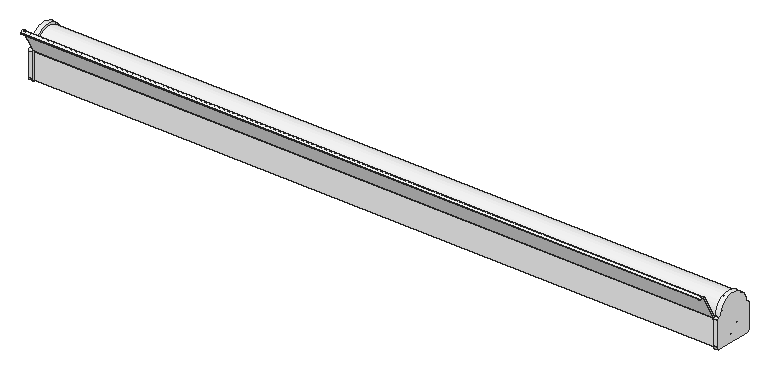
Revit family "0045179+0045234 Feilo Sylvania Lighting Fixture SYLBATTEN LED5-5 WW TP3 with ASYMMETRIC REFLECTOR ACCESSORY 1200MM", category Lighting Fixtures, host Face, Revit 2017
Family settings
  Host = Face
  Round Connector Dimension = Use Diameter
  Part Type = Normal
  OmniClass Number = 23.80.70.00
  OmniClass Title = Lighting
  Cut with Voids When Loaded = No
  Light Source = Yes
  Shared = No
  Room Calculation Point = No
Parameters (values of type "0045179 SYLBATTEN LED5.5 WW TP3")
  Width_FEILO = 66 mm
  Weight = "2.584 kg"
  Wattage Comments = "n/a"
  Wattage = 53 W
  WarrantyStartDate [instance] = "n/a"
  WarrantyGuarantorParts = "n/a"
  WarrantyDurationUnit = "n/a"
  WarrantyDurationParts = "n/a"
  WarrantyDescription = "n/a"
  built-in parameter 1150110 = 1 (stored number, unit not read)
  Voltage = 230 V
  URL = "http://www.sylvania-lighting.com"
  TypeName = "SYLBATTEN LED5.5 WW TP3"
  Type Image = <None>
  Type Comments = "n/a"
  built-in parameter 1114217 = 1 (stored number, unit not read)
  Tilt Angle = -90.00°
  built-in parameter 1150109 = 1 (stored number, unit not read)
  built-in parameter 1150134 = (empty or 0)
  SymReflector_FEILO = no
  built-in parameter 1150113 = 1 (stored number, unit not read)
  SerialNumber [instance] = "n/a"
  PowerFactor = 0
  PowerConsumption = "53 W"
  Photometric Web File = "0045179+0045234.ies"
  NominalLength = 1205 mm
  NominalHeight = 91 mm
  NominalDepth = 122 mm
  Name = "SYLBATTEN LED5.5 WW TP3"
  ModelReference = Name  # "SYLBATTEN LED5.5 WW TP3"
  ModelNumber = "0045179"
  Model = Name  # "SYLBATTEN LED5.5 WW TP3"
  Material_4_FEILO = Reflector-Sylvania-Sylbatten-White
  Material_3_FEILO = Diffuser-Sylvania-Sylbatten-Glow
  Material_2_FEILO = Body-Sylvania-Sylbatten-White
  Material_1_FEILO = Body-Sylvania-Sylbatten-White
  Material = "sheet steel housing, polycarbonate diffuser"
  ManufacturerName = "Feilo Sylvania"
  Manufacturer = "Feilo Sylvania"
  LuminousEfficacy = "92.45 lm/W"
  built-in parameter 1150105 = 389.92 (stored number, unit not read)
  Lumens = 4899.85 lm
  LuminaireType = ""
  built-in parameter 1150115 = 1 (stored number, unit not read)
  LightOutputRatio = "100"
  built-in parameter 1150137 = (empty or 0)
  built-in parameter 1150139 = (empty or 0)
  Length_FEILO = 1205 mm
  LampsType = Lamp  # "LED"
  LampNominalLuminous = "4900 lm"
  LampMacAdamStep = "n/a"
  LampColourTemperature = "3000 K"
  LampColourRenderingIndex = "80"
  built-in parameter 1150112 = 1 (stored number, unit not read)
  built-in parameter 1150114 = 1 (stored number, unit not read)
  Lamp = "LED"
  Keynote = "16500"
  InstallationDate [instance] = "n/a"
  InputVoltage = "220-240V~"
  InputNominalFrequency = "n/a"
  built-in parameter 1150132 = (empty or 0)
  built-in parameter 1150102 = (empty or 0)
  built-in parameter 1150107 = 3000 (stored number, unit not read)
  built-in parameter 1150138 = (empty or 0)
  IngressProtection = "IP20"
  ImpactProtectionIndex = "IK07"
  built-in parameter 1150106 = 3.8992 (stored number, unit not read)
  IfcExportType = "IfcLightFixtureType"
  IfcExportAs = "IfcLightFixtureType"
  Height_FEILO = 76 mm
  ExpectedLife = 50000
  Emit from Rectangle Width = Length_FEILO - 16 mm  # 1189 mm
  Emit from Rectangle Length = Width_FEILO - 40 mm  # 26 mm
  Emit Shape Visible in Rendering = no
  ElectricShockClassification = "Class I"
  built-in parameter 1150104 = 8.5889 (stored number, unit not read)
  DurationUnit = "hours"
  DocumentationLiterature = "http://www.sylvania-lighting.com/product/en-int/products/0045179"
  DimmingControlOptions = "n/a"
  Dimming Lamp Color Temperature Shift = <None>
  Description = "LED batten, T8 replacement, ease of installation through 2 part push-in design of the housing (safety cable included), through wiring capability (TP3 = 3 core), sheet steel, 4900M, 53W, 92lm/W, 3000K, drive current: 350mA, CRI 80, 138° wide beam angle, electronic driver (non dimmable), IP20, IK07, 50,000 hrs (L70), (LxWxH) 1205x66x76mm, 5 step MacAdam ellipse, 3kg, white RAL 9016, Class 1, 220-240V, energy class: A++, A+, A."
  Default Elevation = 1219.2 mm
  CreatedOn = "1/25/2018"
  CreatedBy = ""
  Cost = 0
  Color Filter = 16777215
  built-in parameter 1114216 [instance] = (empty or 0)
  ClassificationValue = "EF_70_80"
  ClassificationName = "Uniclass2015"
  CapOffset_FEILO = 2 mm
  BarCode [instance] = "n/a"
  built-in parameter 1114218 = 1 (stored number, unit not read)
  BackReflector_FEILO = and(not(AsymReflector_FEILO), SymReflector_FEILO)  # no
  built-in parameter 1150133 = 10 (stored number, unit not read)
  FrontReflector_FEILO = or(AsymReflector_FEILO, SymReflector_FEILO)  # yes
  AsymReflector_FEILO = yes
  AssetType = "Fixed"
  AssetIdentifier [instance] = "n/a"
  Assembly Code = "D5020200"
  Apparent Load = 53 VA
Reference planes
  plane 1 "Center (Front/Back)": y = 0
  plane 2: z = 0
  plane 3 "Center (Left/Right)": x = 0
  plane 4: x = 602.5
  plane 5: x = -602.5
  plane 6: y = 33
  plane 7: y = -33
  plane 8: z = 76
  plane 9: z = 47
  plane 10: y = -29
  plane 11: y = 29
  plane 12: z = 20
  plane 13: z = 74
  plane 14: y = -31
  plane 15: y = -27
  plane 16: y = 27
  plane 17: y = 31
  plane 18: z = 2
  plane 19: x = -594.5
  plane 20: x = 594.5
  plane 21: z = 49
  plane 22: y = 1
  plane 23: y = -1
  plane 24: z = 21
  plane 25: z = 19
  plane 26: y = -61
  plane 27: y = 61
  plane 28: y = -56
  plane 29: y = 56
  plane 30: z = 91
  plane 31: z = 88
Forms (mm)
  Extrusion 1, solid, material "Body-Sylvania-Sylbatten-White" <- "Material_2_FEILO"
    sketch origin (0, 0, 0) x (0, 1, 0) y (0, 0, 1)
      loop
        line (-31, 2) -> (31, 2) -> (31, 45)
        arc (31, 45) -> (30.414, 46.414) -> (29, 47) r 2
        line (29, 47) -> (27, 47)
        arc (27, 47) -> (0, 74) -> (-27, 47) r 27
        line (-27, 47) -> (-29, 47)
        arc (-29, 47) -> (-30.414, 46.414) -> (-31, 45) r 2
        line (-31, 45) -> (-31, 2)
    from -594.5 to 594.5
  Extrusion 2, solid, material "Body-Sylvania-Sylbatten-White" <- "Material_2_FEILO"
    sketch origin (602.5, 1524, 1219.2) x (0, 1, 0) y (0, 0, 1)
      loop
        arc (-1494, -1219.2) -> (-1491.879, -1218.321) -> (-1491, -1216.2) r 3
        line (-1491, -1216.2) -> (-1491, -1173.2)
        arc (-1491, -1173.2) -> (-1491.879, -1171.079) -> (-1494, -1170.2) r 3
        line (-1494, -1170.2) -> (-1495.069, -1170.2)
        arc (-1495.069, -1170.2) -> (-1524, -1143.2) -> (-1552.931, -1170.2) r 29
        line (-1552.931, -1170.2) -> (-1554, -1170.2)
        arc (-1554, -1170.2) -> (-1556.121, -1171.079) -> (-1557, -1173.2) r 3
        line (-1557, -1173.2) -> (-1557, -1216.2)
        arc (-1557, -1216.2) -> (-1556.121, -1218.321) -> (-1554, -1219.2) r 3
        line (-1554, -1219.2) -> (-1494, -1219.2)
      loop
        arc (-1525, -1189.25) -> (-1531.071, -1192.129) -> (-1533.95, -1198.2) r 10
        line (-1533.95, -1198.2) -> (-1532.944, -1198.2)
        arc (-1532.944, -1198.2) -> (-1530.364, -1192.836) -> (-1525, -1190.256) r 9
        line (-1525, -1190.256) -> (-1525, -1189.25)
      loop
        arc (-1523, -1190.256) -> (-1517.636, -1192.836) -> (-1515.056, -1198.2) r 9
        line (-1515.056, -1198.2) -> (-1514.05, -1198.2)
        arc (-1514.05, -1198.2) -> (-1516.929, -1192.129) -> (-1523, -1189.25) r 10
        line (-1523, -1189.25) -> (-1523, -1190.256)
      loop
        line (-1532.944, -1200.2) -> (-1533.95, -1200.2)
        arc (-1533.95, -1200.2) -> (-1531.071, -1206.271) -> (-1525, -1209.15) r 10
        line (-1525, -1209.15) -> (-1525, -1208.144)
        arc (-1525, -1208.144) -> (-1530.364, -1205.564) -> (-1532.944, -1200.2) r 9
      loop
        arc (-1515.056, -1200.2) -> (-1517.636, -1205.564) -> (-1523, -1208.144) r 9
        line (-1523, -1208.144) -> (-1523, -1209.15)
        arc (-1523, -1209.15) -> (-1516.929, -1206.271) -> (-1514.05, -1200.2) r 10
        line (-1514.05, -1200.2) -> (-1515.056, -1200.2)
    from 0 to -8
  Extrusion 3, solid, material "Body-Sylvania-Sylbatten-White" <- "Material_2_FEILO"
    sketch origin (-602.5, 1524, 1219.2) x (0, 1, 0) y (0, 0, 1)
      loop
        arc (-1495.069, -1170.2) -> (-1524, -1143.2) -> (-1552.931, -1170.2) r 29
        line (-1552.931, -1170.2) -> (-1554, -1170.2)
        arc (-1554, -1170.2) -> (-1556.121, -1171.079) -> (-1557, -1173.2) r 3
        line (-1557, -1173.2) -> (-1557, -1216.2)
        arc (-1557, -1216.2) -> (-1556.121, -1218.321) -> (-1554, -1219.2) r 3
        line (-1554, -1219.2) -> (-1494, -1219.2)
        arc (-1494, -1219.2) -> (-1491.879, -1218.321) -> (-1491, -1216.2) r 3
        line (-1491, -1216.2) -> (-1491, -1173.2)
        arc (-1491, -1173.2) -> (-1491.879, -1171.079) -> (-1494, -1170.2) r 3
        line (-1494, -1170.2) -> (-1495.069, -1170.2)
      loop
        line (-1533.95, -1198.2) -> (-1532.944, -1198.2)
        arc (-1532.944, -1198.2) -> (-1530.364, -1192.836) -> (-1525, -1190.256) r 9
        line (-1525, -1190.256) -> (-1525, -1189.25)
        arc (-1525, -1189.25) -> (-1531.071, -1192.129) -> (-1533.95, -1198.2) r 10
      loop
        line (-1523, -1189.25) -> (-1523, -1190.256)
        arc (-1523, -1190.256) -> (-1517.636, -1192.836) -> (-1515.056, -1198.2) r 9
        line (-1515.056, -1198.2) -> (-1514.05, -1198.2)
        arc (-1514.05, -1198.2) -> (-1516.929, -1192.129) -> (-1523, -1189.25) r 10
      loop
        line (-1514.05, -1200.2) -> (-1515.056, -1200.2)
        arc (-1515.056, -1200.2) -> (-1517.636, -1205.564) -> (-1523, -1208.144) r 9
        line (-1523, -1208.144) -> (-1523, -1209.15)
        arc (-1523, -1209.15) -> (-1516.929, -1206.271) -> (-1514.05, -1200.2) r 10
      loop
        line (-1525, -1209.15) -> (-1525, -1208.144)
        arc (-1525, -1208.144) -> (-1530.364, -1205.564) -> (-1532.944, -1200.2) r 9
        line (-1532.944, -1200.2) -> (-1533.95, -1200.2)
        arc (-1533.95, -1200.2) -> (-1531.071, -1206.271) -> (-1525, -1209.15) r 10
    from 0 to 8
  Extrusion 4, solid, material "Reflector-Sylvania-Sylbatten-White" <- "Material_4_FEILO", visible <- "FrontReflector_FEILO"
    sketch origin (0, 0, 0) x (0, 1, 0) y (0, 0, 1)
      loop
        line (-61.257, 88.429) -> (-60.743, 87.571) -> (-56.621, 90.044)
        arc (-56.621, 90.044) -> (-56.237, 90.099) -> (-55.929, 89.863) r 0.5
        line (-55.929, 89.863) -> (-31.435, 46.753) -> (-30.565, 47.247) -> (-55.312, 90.802)
        arc (-55.312, 90.802) -> (-55.928, 91.275) -> (-56.696, 91.165) r 1
        line (-56.696, 91.165) -> (-61.257, 88.429)
    from -594.5 to 594.5
  Extrusion 5, solid, material "Reflector-Sylvania-Sylbatten-White" <- "Material_4_FEILO", visible <- "BackReflector_FEILO"
    sketch origin (0, 0, 0) x (0, 1, 0) y (0, 0, 1)
      loop
        line (30.565, 47.247) -> (31.435, 46.753) -> (55.932, 89.868)
        arc (55.932, 89.868) -> (56.245, 90.112) -> (56.638, 90.062) r 0.518
        line (56.638, 90.062) -> (61.033, 87.565) -> (61.527, 88.435) -> (56.682, 91.188)
        arc (56.682, 91.188) -> (55.922, 91.282) -> (55.318, 90.812) r 1
        line (55.318, 90.812) -> (30.565, 47.247)
    from -594.5 to 594.5
Lines and regions (mm)
  reference lines
    curve 1: line (0, -61, 88) -> (0, -56, 91)
    curve 2: line (0, -56, 91) -> (0, -31, 47)
    curve 3: line (0, 31, 47) -> (0, 56, 91)
    curve 4: line (0, 56, 91) -> (0, 61.28, 88)
Dimensions and locks
  equal spacing: plane 5, plane 3 "Center (Left/Right)", plane 4
  equal spacing: plane 7, plane 1 "Center (Front/Back)", plane 6
  "Width_FEILO": plane 7 to plane 6
  "Length_FEILO": plane 5 to plane 4
  "Height_FEILO": plane 8 to plane 2
  locked: plane 9 to plane 8 at 29
  equal spacing: plane 10, plane 1 "Center (Front/Back)", plane 11
  locked: plane 7 to plane 10 at 4
  locked: plane 12 to plane 2 at 20
  "CapOffset_FEILO": plane 13 to plane 8
  "CapOffset_FEILO": plane 7 to plane 14
  "CapOffset_FEILO": plane 10 to plane 15
  "CapOffset_FEILO": plane 17 to plane 6
  "CapOffset_FEILO": plane 16 to plane 11
  "CapOffset_FEILO": plane 18 to plane 2
  locked: plane 14 to Extrusion 1 sketch curve at 2
  locked: Extrusion 1 sketch curve to plane 9 at 2  (x2)
  locked: plane 16 to Extrusion 1 sketch curve at 2
  equal spacing: plane 19, plane 3 "Center (Left/Right)", plane 20
  locked: plane 5 to plane 19 at 8
  "CapOffset_FEILO": plane 9 to plane 21
  locked: Extrusion 2 sketch curve to plane 2 at 47
  locked: Extrusion 1 sketch curve to plane 2 at 47
  locked: Extrusion 2 sketch curve to plane 2 at 3  (x2)
  locked: plane 7 to Extrusion 2 sketch curve at 3  (x2)
  locked: Extrusion 2 sketch curve to plane 6 at 3  (x2)
  locked: Extrusion 2 sketch curve to plane 21 at 3  (x2)
  equal spacing: plane 23, plane 1 "Center (Front/Back)", plane 22
  equal spacing: plane 25, plane 12, plane 24
  plane 30 to plane 31 to plane 2 = 3 mm locked, 88 mm locked
  plane 28 to plane 29 = 112 mm
  plane 26 to plane 27 = 122 mm
  aligned and locked: plane 2 to host face
  aligned and locked: level to host face
  aligned and locked: plane 18 to Extrusion 1 sketch curve
  aligned and locked: plane 14 to Extrusion 1 sketch curve
  aligned and locked: Extrusion 1 sketch curve to plane 9  (x2)
  aligned and locked: Extrusion 1 sketch curve to plane 17
  aligned and locked: plane 15 to Extrusion 1 sketch curve
  aligned and locked: plane 16 to Extrusion 1 sketch curve
  aligned and locked: plane 9 to Extrusion 1 sketch curve
  aligned and locked: plane 20 to Extrusion 1
  aligned and locked: level to Extrusion 2 sketch curve
  aligned and locked: Extrusion 2 sketch curve to plane 7
  aligned and locked: plane 21 to Extrusion 2 sketch curve
  aligned and locked: Extrusion 2 sketch curve to plane 21
  aligned and locked: plane 1 "Center (Front/Back)" to Extrusion 2 sketch curve  (x3)
  aligned and locked: Extrusion 2 to Extrusion 1
  aligned and locked: plane 4 to Extrusion 2
  aligned and locked: plane 12 to Extrusion 2 sketch curve  (x2)
  aligned and locked: Extrusion 2 sketch curve to plane 22
  aligned and locked: Extrusion 2 sketch curve to plane 23
  aligned and locked: Extrusion 2 sketch curve to plane 24
  aligned and locked: Extrusion 2 sketch curve to plane 25
  aligned and locked: plane 25 to Extrusion 2 sketch curve
  aligned and locked: plane 22 to Extrusion 2 sketch curve
  aligned and locked: plane 24 to Extrusion 2 sketch curve
  aligned and locked: plane 23 to Extrusion 2 sketch curve  (x2)
  aligned and locked: Extrusion 3 sketch curve to Extrusion 2  (x22)
  aligned and locked: Extrusion 3 to Extrusion 1
  aligned and locked: Extrusion 3 to plane 5
  aligned and locked: plane 19 to Extrusion 3
  aligned and locked: plane 31 to curve 1
  aligned and locked: plane 30 to curve 1
  aligned and locked: plane 14 to curve 2
  aligned and locked: plane 9 to curve 2
  aligned and locked: plane 17 to curve 3
  aligned and locked: plane 30 to curve 3
  aligned and locked: plane 31 to curve 4
  aligned and locked: Extrusion 4 sketch curve to curve 2
  aligned and locked: Extrusion 4 sketch curve to curve 1
  aligned and locked: Extrusion 4 to Extrusion 1
  aligned and locked: Extrusion 1 to Extrusion 4
  aligned and locked: imposter light to plane 1 "Center (Front/Back)"
  aligned and locked: imposter light to plane 3 "Center (Left/Right)"
  aligned and locked: imposter light to plane 13
  aligned and locked: Extrusion 5 sketch curve to curve 4
  aligned and locked: Extrusion 5 sketch curve to curve 3
  aligned and locked: Extrusion 1 to Extrusion 5
  aligned and locked: Extrusion 5 to Extrusion 1
Automatic sketch dimensions
  host sketch curve to host sketch curve = 2438.4 mm  (x2)
  Extrusion 2 sketch curve to Extrusion 2 sketch curve = 0 mm  (x14)
  Extrusion 2 sketch curve to plane 10 = 0.069 mm
  plane 23 to Extrusion 2 sketch curve = 8.95 mm
  Extrusion 2 sketch curve to Extrusion 2 sketch curve = 1.006 mm  (x4)
  Extrusion 2 sketch curve to plane 22 = 7.944 mm
  curve 1 to plane 26 = 0 mm
  curve 2 to plane 28 = 0 mm
  curve 4 to plane 29 = 0 mm
  plane 9 to curve 3 = 0 mm
  plane 26 to Extrusion 4 sketch curve = 0.257 mm
  Extrusion 4 sketch curve to plane 26 = 0.257 mm
  Extrusion 4 sketch curve to plane 30 = 0.165 mm
  plane 28 to Extrusion 4 sketch curve = 0.696 mm
  plane 28 to Extrusion 4 sketch curve = 0.621 mm
  plane 28 to Extrusion 4 sketch curve = 0.364 mm
  plane 28 to Extrusion 4 sketch curve = 0.182 mm
  Extrusion 4 sketch curve to plane 28 = 0.071 mm
  plane 30 to Extrusion 4 sketch curve = 0.198 mm
  Extrusion 4 sketch curve to plane 28 = 0.688 mm
  plane 9 to Extrusion 4 sketch curve = 0.247 mm
  plane 1 "Center (Front/Back)" to Extrusion 4 sketch curve = 31.435 mm
  Extrusion 5 sketch curve to plane 9 = 0.247 mm
  Extrusion 5 sketch curve to plane 1 "Center (Front/Back)" = 30.565 mm
  plane 9 to Extrusion 5 sketch curve = 0.247 mm
  plane 30 to Extrusion 5 sketch curve = 0.188 mm
  plane 29 to Extrusion 5 sketch curve = 0.068 mm
  Extrusion 5 sketch curve to plane 29 = 0.188 mm
  Extrusion 5 sketch curve to plane 29 = 0.382 mm
  Extrusion 5 sketch curve to Extrusion 5 sketch curve = 0.256 mm
  Extrusion 5 sketch curve to plane 30 = 0.188 mm
  Extrusion 5 sketch curve to plane 29 = 0.682 mm
  Extrusion 5 sketch curve to plane 27 = 0.033 mm
  Extrusion 5 sketch curve to plane 27 = 0.527 mm
Connectors
  electrical at (0, 0, 0), driven by "Apparent Load", driven by "PowerFactor", driven by "Voltage"
    settings: index 1, voltage 230 V, apparent load 53 VA, apparent load phase1 0 VA, apparent load phase2 0 VA, apparent load phase3 0 VA, power factor 0, load classification "Lighting", number of poles 1, system type 30, power factor state 1, is connector primary yes, connector utility no, sub classification motor no, connector description ""
